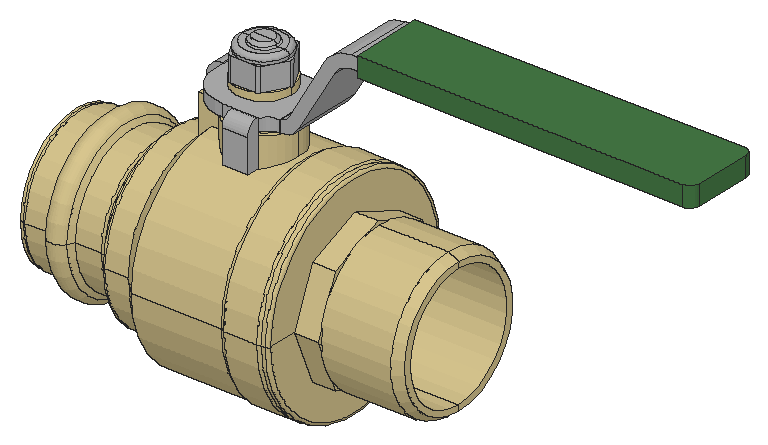
Revit family "QA12150000", category Apparecchi idraulici, Revit 2016
Family settings
  Tipo di parte = Normale
  Quota connettore circolare = Usa diametro
  Numero OmniClass = 23.45.00.00
  Titolo OmniClass = Sanitary, Laundry, and Cleaning Equipment
  Basato su piano di lavoro = No
  Sempre verticale = Sì
  Taglio con vuoti quando caricato = No
  Condiviso = No
  Punto di calcolo locali = No
Parameters
  URL = "https://web.cimberio.it/index.php/figura/1490?subcategoria_id=102"
  Produttore = "CIMBERIO SPA"
  Modello = "Cim 1220CRNLMA"
  DN Model [instance] = QA12155106 : QA12155106
  DN [instance] = 40 mm
Reference planes
  plane 1 "Centro (Fronte/Retro)": y = 0
  plane 2: z = 0
  plane 3 "Centro (Sinistra/Destra)": x = 0
Dimensions and locks
  aligned and locked: level to plane 2
Nested families
  nested 1: "QA12155106" at (0, 0, 0), type <- "DN Model", type "QA12155106"
    with DN 10 mm
  nested 2: "QA12155106" at (0, 0, 0), type <- "DN Model", type "QA12155106"
    with DN 10 mm
  nested 3: "QA12155106" at (0, 0, 0), type <- "DN Model", type "QA12155106"
    with DN 10 mm
  nested 4: "QA12155106" at (0, 0, 0), type <- "DN Model", type "QA12155106"
    with DN 10 mm
  nested 5: "QA12155106" at (0, 0, 0), type <- "DN Model", type "QA12155106"
    with DN 10 mm
  nested 6: "QA12155106" at (0, 0, 0), type <- "DN Model", type "QA12155106"
    with DN 10 mm
  nested 7: "QA12155106" at (0, 0, 0), type <- "DN Model", type "QA12155106"
    with DN 10 mm
  nested 8: "QA12155106" at (0, 0, 0), type <- "DN Model", type "QA12155106"
    with DN 10 mm
  nested 9: "QA12155106" at (0, 0, 0), type <- "DN Model", type "QA12155106"
    with DN 10 mm
Connectors
  piping at (63.75, 0, 0), diameter 40, driven by "DN"
    settings: on nested 1, index 1, connector inside diameter 609.6 mm, connector length 0 mm, flow factor 0, pipe flow 0.0 L/s, pressure drop 0.0 Pa, fitting loss kfactor 0, connector angle 0.00°, fixture units 0, engagement length 0 mm, angle of deflection 0.00°, flow configuration 0, flow direction 0, fitting loss method 0, system type 7, joint type 0, gender type 0, connector reference index -1, connector utility 0, adjustable connector no, is connector primary yes, connector description ""
  piping at (-61.25, 0, 0), diameter 40, driven by "DN"
    settings: on nested 1, index 2, connector inside diameter 609.6 mm, connector length 0 mm, flow factor 0, pipe flow 0.0 L/s, pressure drop 0.0 Pa, fitting loss kfactor 0, connector angle 0.00°, fixture units 0, engagement length 0 mm, angle of deflection 0.00°, flow configuration 0, flow direction 0, fitting loss method 0, system type 7, joint type 0, gender type 0, connector reference index -1, connector utility 0, adjustable connector no, is connector primary no, connector description ""
Definition of nested family "QA12155106"
  Parameters (values of type "QA12155106")
    DN [instance] = 10 mm  # constant formula
  Reference planes
    plane 1 "Centro (Fronte/Retro)": y = 0
    plane 2: z = 0
    plane 3 "Centro (Sinistra/Destra)": x = 0
  Forms (mm)
    Revolve 1, solid
      sketch origin (0, 0, 0) x (1, 0, 0) y (0, 1, 0)
        loop
          line (-61.25, 20) -> (29.75, 20) -> (29.75, 34.271)
          arc (29.75, 34.271) -> (29.45, 34.964) -> (28.75, 35.25) r 1
          line (28.75, 35.25) -> (27.199, 35.25) -> (26.266, 35.5) -> (15.25, 35.5)
          arc (15.25, 35.5) -> (14.562, 34.983) -> (13.722, 34.8) r 2.019
          line (13.722, 34.8) -> (-15.45, 34.8) -> (-21.25, 29) -> (-28.75, 29)
          arc (-28.75, 29) -> (-29.457, 28.707) -> (-29.75, 28) r 1
          line (-29.75, 28) -> (-29.75, 25.6)
          arc (-29.75, 25.6) -> (-30.336, 24.186) -> (-31.75, 23.6) r 2
          line (-31.75, 23.6) -> (-33.25, 23.6)
          arc (-33.25, 23.6) -> (-33.972, 23.302) -> (-34.747, 23.2) r 3
          line (-34.747, 23.2) -> (-43.247, 23.2) -> (-44.286, 25)
          arc (-44.286, 25) -> (-47.75, 27) -> (-51.214, 25) r 4
          line (-51.214, 25) -> (-52.253, 23.2) -> (-59.459, 23.2) -> (-60.461, 23) -> (-61.25, 23) -> (-61.25, 20)
        axis (-61.25, 0) -> (29.75, 0)
      angle from 0 to 360
    Revolve 2, solid
      sketch origin (0, 0, 0) x (1, 0, 0) y (0, 0, 1)
        loop
          line (0.056, 47.8) -> (-10, 47.8) -> (-10, 43) -> (-11.388, 43) -> (-11.388, 31.761) -> (0.056, 31.761) -> (0.056, 47.8)
        axis (0.056, 31.761) -> (0.056, 47.8)
      angle from 0 to 360
    Extrusion 3, solid
      sketch origin (0, 0, 0) x (1, 0, 0) y (0, 0, 1)
        loop
          line (-11.388, 43) -> (-20, 43) -> (-20, 28.911) -> (-11.388, 28.911) -> (-11.388, 43)
      from -1.6 to 1.7
    Revolve 4, solid
      sketch origin (0, 0, 0) x (1, 0, 0) y (0, 0, 1)
        loop
          line (0, 54.3) -> (-9.25, 54.3) -> (-9.25, 51.8) -> (0, 51.8) -> (0, 54.3)
        axis (0, 54.3) -> (0, 51.8)
      angle from 0 to 360
    Revolve 5, solid
      sketch origin (0, 0, 0) x (1, 0, 0) y (0, 0, 1)
        loop
          line (0, 65.8) -> (0, 62) -> (8.25, 62) -> (8.25, 62.8)
          arc (8.25, 62.8) -> (7.811, 63.861) -> (6.75, 64.3) r 1.5
          line (6.75, 64.3) -> (4.697, 64.3) -> (3.463, 64.701) -> (4.28, 64.92) -> (3.4, 65.8) -> (0, 65.8)
        axis (0, 65.8) -> (0, 62)
      angle from 0 to 360
    Extrusion 6, solid
      sketch origin (0, 0, 0) x (1, 0, 0) y (0, 0, 1)
        loop
          arc (-14.7, 51.8) -> (-18.428, 50.443) -> (-20, 46.8) r 5.008
          line (-20, 46.8) -> (-20, 38.053) -> (-16, 38.053) -> (-16, 46.8)
          arc (-16, 46.8) -> (-15.588, 47.609) -> (-14.7, 47.8) r 1.058
          line (-14.7, 47.8) -> (-14.7, 51.8)
      from -10 to -1.7
    Extrusion 7, solid
      sketch origin (0, 0, 0) x (1, 0, 0) y (0, 0, 1)
        loop
          line (29.699, 73.796) -> (18.011, 53.552)
          arc (18.011, 53.552) -> (16.739, 52.275) -> (15, 51.8) r 3.5
          line (15, 51.8) -> (15, 47.8)
          arc (15, 47.8) -> (18.74, 48.811) -> (21.476, 51.553) r 7.5
          line (21.476, 51.553) -> (33.164, 71.798)
          arc (33.164, 71.798) -> (35.36, 73.995) -> (38.36, 74.8) r 6
          line (38.36, 74.8) -> (40.963, 74.8) -> (40.963, 78.8) -> (38.362, 78.8)
          arc (38.362, 78.8) -> (33.36, 77.459) -> (29.699, 73.796) r 10
      from -10 to 12
    Extrusion 8, solid
      sketch origin (0, 0, 28.55) x (1, 0, 0) y (0, 1, 0)
        loop
          line (9.352, 0.6) -> (5.198, 7.795)
          arc (5.198, 7.795) -> (4.756, 8.237) -> (4.152, 8.399) r 1.208
          line (4.152, 8.399) -> (-4.173, 8.399)
          arc (-4.173, 8.399) -> (-4.759, 8.242) -> (-5.187, 7.814) r 1.171
          line (-5.187, 7.814) -> (-9.362, 0.583)
          arc (-9.362, 0.583) -> (-9.518, 0) -> (-9.362, -0.583) r 1.165
          line (-9.362, -0.583) -> (-5.187, -7.813)
          arc (-5.187, -7.813) -> (-4.759, -8.242) -> (-4.173, -8.399) r 1.171
          line (-4.173, -8.399) -> (4.165, -8.399)
          arc (4.165, -8.399) -> (4.757, -8.24) -> (5.191, -7.806) r 1.185
          line (5.191, -7.806) -> (9.352, -0.6)
          arc (9.352, -0.6) -> (9.513, 0) -> (9.352, 0.6) r 1.2
      from 25.75 to 33.45
    Extrusion 9, solid
      sketch origin (0, 0, 28.55) x (1, 0, 0) y (0, 1, 0)
        loop
          line (-14.7, 10) -> (-14.7, -1.7)
          arc (-14.7, -1.7) -> (-10.892, -10.892) -> (-1.7, -14.7) r 13
          line (-1.7, -14.7) -> (0.876, -14.7) -> (1.7, -15) -> (10.417, -15)
          arc (10.417, -15) -> (12.261, -12.817) -> (15, -12) r 5
          line (15, -12) -> (15, 10) -> (-14.7, 10)
      from 19.25 to 23.25
    Extrusion 10, solid
      sketch origin (0, 0, 28.55) x (1, 0, 0) y (0, 1, 0)
        loop
          line (40.963, 10.75) -> (40.963, -12.75) -> (147.942, -13.479)
          arc (147.942, -13.479) -> (150.075, -12.61) -> (150.963, -10.484) r 3
          line (150.963, -10.484) -> (150.963, 8.475)
          arc (150.963, 8.475) -> (150.078, 10.607) -> (147.941, 11.479) r 3
          line (147.941, 11.479) -> (40.963, 10.75)
      from 44.988 to 51.45
    Extrusion 11, solid
      sketch origin (-11, 0, 0) x (0, 0, 1) y (0, 1, 0)
        loop
          line (51.8, -15) -> (47.8, -15) -> (36.812, -15) -> (36.812, -19) -> (47.8, -19)
          arc (47.8, -19) -> (50.628, -17.828) -> (51.8, -15) r 4
      from -21 to -12.7
    Extrusion 12, solid
      sketch origin (0, 0, 0) x (0, 1, 0) y (0, 0, 1)
        loop
          circle (0, 0) r 20
        loop
          line (0, 24.75) -> (-17.501, 17.501) -> (-24.75, 0) -> (-17.501, -17.501) -> (0, -24.75) -> (17.501, -17.501) -> (24.75, 0) -> (17.501, 17.501) -> (0, 24.75)
      from 29.75 to 37.75
    Revolve 13, solid
      sketch origin (0, 0, 0) x (1, 0, 0) y (0, 0, 1)
        loop
          line (63.75, 20) -> (63.75, 21.902) -> (60.55, 23.75) -> (37.75, 23.75) -> (37.75, 20) -> (63.75, 20)
        axis (63.75, 0) -> (37.75, 0)
      angle from 0 to 360
  Dimensions and locks
    aligned and locked: level to plane 2
